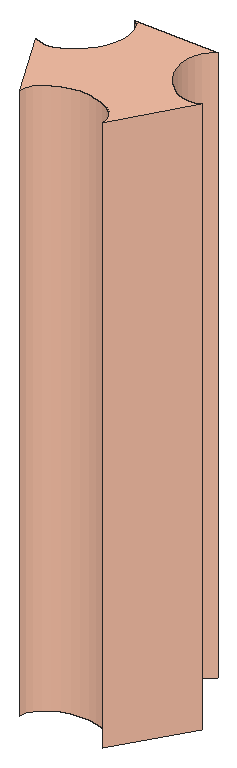
Revit family "$Player_Mouse", category Generic Models, Revit 2020
Family settings
  Can host rebar = No
  Round Connector Dimension = Use Diameter
  Part Type = Normal
  Work Plane-Based = No
  Always vertical = Yes
  Cut with Voids When Loaded = No
  Shared = No
  Room Calculation Point = No
Parameters (values of type "SD")
  yes = 2 > 1  # yes
  show_standard [instance] = not(show_overweight)  # yes
  show_overweight [instance] = _property_is_overweight  # no
  no = not(yes)  # no
  mat. = team #2
  _property_team = "team #2"
  _property_positionID = -50
  _property_name = "Kahn"
  _property_luck = 50
  _property_is_overweight = no
  _property_hold_status = "Starter"
  _property_hold_amount = 1
  _asset_tools = ""
  _asset_skills = ""
  _asset_money = 1000
  _asset_direction = 1
  Default Elevation = 0 mm
Reference planes
  plane 1 "Center (Front/Back)": y = 0
  plane 2: z = 0
  plane 3 "Center (Left/Right)": x = 0
Forms (mm)
  Extrusion 1, solid, material "team #2" <- "mat.", visible <- "show_standard"
    sketch origin (0, 0, 0) x (1, 0, 0) y (0, 1, 0)
      loop
        line (129.254, 226.289) -> (-129.254, 226.289)
        spline (-129.254, 226.289) -> (-111.384, 210.886) -> (-99.136, 188.905) -> (-93.345, 161.843) -> (-94.405, 131.544) -> (-102.244, 100.074) -> (-116.328, 69.577) -> (-135.698, 42.131) -> (-159.032, 19.607) -> (-184.741, 3.54) -> (-211.073, -4.976) -> (-236.233, -5.359) -> (-258.508, 2.415)
        line (-258.508, 2.415) -> (-129.254, -221.459)
        spline (-129.254, -221.459) -> (-124.85, -198.282) -> (-111.937, -176.684) -> (-91.396, -158.138) -> (-64.627, -143.907) -> (-33.453, -134.961) -> (0, -131.91) -> (33.453, -134.961) -> (64.627, -143.907) -> (91.396, -158.138) -> (111.937, -176.684) -> (124.85, -198.282) -> (129.254, -221.459)
        line (129.254, -221.459) -> (258.508, 2.415)
        spline (258.508, 2.415) -> (236.233, -5.359) -> (211.073, -4.976) -> (184.741, 3.54) -> (159.032, 19.607) -> (135.698, 42.131) -> (116.328, 69.577) -> (102.244, 100.074) -> (94.405, 131.544) -> (93.345, 161.843) -> (99.136, 188.905) -> (111.384, 210.886) -> (129.254, 226.289)
    from 0 to 1750
  Extrusion 2, solid, material "team #2" <- "mat.", visible <- "show_overweight"
    sketch origin (0, 0, 0) x (1, 0, 0) y (0, 1, 0)
      loop
        line (250, 433.013) -> (-250, 433.013)
        spline (-250, 433.013) -> (-215.436, 403.221) -> (-191.747, 360.705) -> (-180.546, 308.362) -> (-182.596, 249.76) -> (-197.759, 188.891) -> (-225, 129.904) -> (-262.464, 76.819) -> (-307.596, 33.253) -> (-357.322, 2.176) -> (-408.253, -14.295) -> (-456.918, -15.037) -> (-500, 0)
        line (-500, 0) -> (-250, -433.013)
        spline (-250, -433.013) -> (-241.481, -388.184) -> (-216.506, -346.41) -> (-176.777, -310.538) -> (-125, -283.013) -> (-64.705, -265.709) -> (0, -259.808) -> (64.705, -265.709) -> (125, -283.013) -> (176.777, -310.538) -> (216.506, -346.41) -> (241.481, -388.184) -> (250, -433.013)
        line (250, -433.013) -> (500, 0)
        spline (500, 0) -> (456.918, -15.037) -> (408.253, -14.295) -> (357.322, 2.176) -> (307.596, 33.253) -> (262.464, 76.819) -> (225, 129.904) -> (197.759, 188.891) -> (182.596, 249.76) -> (180.546, 308.362) -> (191.747, 360.705) -> (215.436, 403.221) -> (250, 433.013)
    from 0 to 1300
Dimensions and locks
  aligned and locked: plane 2 to level
  aligned and locked: plane 1 "Center (Front/Back)" to nested 1
  aligned and locked: plane 3 "Center (Left/Right)" to nested 1
Nested families
  nested 1: "NAME_SYMBOL" at (0, 0, 0), _property_name <- "_property_name", _property_positionID <- "_property_positionID", type "NAME_SYMBOL"
    with _property_positionID -50, _property_name "Kahn"
Definition of nested family "NAME_SYMBOL"
  Parameters (values of type "NAME_SYMBOL")
    _property_positionID [instance] = 0
    _property_name [instance] = ""
  Reference planes
    plane 1: y = 0
    plane 2: x = 0
  Lines and regions (mm)
    detail lines
      curve 1: line (-15, -5, 0) -> (15, -5, 0)
      curve 2: line (-15, 5, 0) -> (-15, -5, 0)
      curve 3: line (15, 5, 0) -> (-15, 5, 0)
      curve 4: line (15, -5, 0) -> (15, 5, 0)
  Text (mm)
    label "A\npositionID = _property_positionID" at (0.077, 0.299, 0), shows "_property_name", "_property_positionID"
